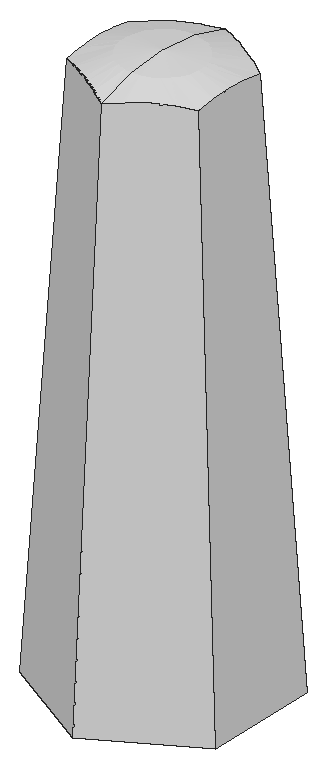
Revit family "stolbik_sochi", category Антураж, Revit 2017
Family settings
  На основе рабочей плоскости = Нет
  Всегда вертикально = Да
  При загрузке вырезать с полостями = Нет
  Источник визуального образа = Геометрия семейства
  Общий = Нет
  Точка расчета площади = Нет
Parameters (values of type ""Сочи" Морская соль")
  Ширина = 300 mm
  Производитель = "ГК Очаковский комбинат ЖБИ"  # constant formula
  Позиция = ""
  Поверхность = ""
  Площадь [instance] = 0.668 m²
  Описание изделия [instance] = "Благодаря своей форме он будет замечен как пешеходами, так и автомобилистами. К тому же, красота и экологичность природных наполнителей, используемых при производстве изделий из архитектурного бетона, в полной мере раскрываются на данном изделии, передавая настроение горных районов Сочи."
  Объем бетона = 0.028 m³
  Обозначение = ""
  Наименование = "Столбик \"Сочи\""
  Морозостойкость [instance] = "F150"
  Материал = Очаковский_Морская_соль
  Масса [instance] = 70.00 kg
  Класс бетона [instance] = "В30"
  Защитное покрытие [instance] = 0.597
  Длина = 300 mm
  Watermarked By = ""
  Высота = 750 mm
  Водонепроницаемость [instance] = "W8"
  URL = "http://file-system.ru/catalog/blagoustroystvo/blagoustroystvo_goroda/ograzhdeniya/klassika/_sochi_stolbik_/"
Types (8, lengths in mm): name | Материал | URL
  (no name) | Очаковский_Морская_соль | "http://file-system.ru/catalog/blagoustroystvo/blagoustroystvo_goroda/ograzhdeniya/klassika/_sochi_stolbik_/"
  "Сочи" Белый шелк | Очаковский_Белый_Шелк | 0
  "Сочи" Крымский берег | Очаковский_Крымский_берег | 0
  "Сочи" Морская соль | Очаковский_Морская_соль | "http://file-system.ru/catalog/blagoustroystvo/blagoustroystvo_goroda/ograzhdeniya/klassika/_sochi_stolbik_/"
  "Сочи" Московский гравий | Очаковский_Московский_гравий | 0
  "Сочи" Черный глянец | Очаковский_Черный_глянец | 0
  "Сочи" Черный шелк | Очаковский_Черный_шелк | 0
  "Сочи" Шахматка | Очаковский_Шахматка | 0
Reference planes
  plane 1 "По центру (Вперед/Назад)": y = 0
  plane 2: z = 0
  plane 3 "По центру (Влево/Вправо)": x = 0
  plane 4: z = 750
  plane 5: z = 100
  plane 6: z = 180
  plane 7: z = 730
  plane 8: z = 200
  plane 9: y = -150
  plane 10: y = 150
  plane 11: x = -150
  plane 12: x = 150
Forms (mm)
  Blend 1, solid, material "Очаковский_Морская_соль" <- "Материал", detail levels medium+fine
    base sketch origin (835.919, -1524, 200) x (0, -1, 0) y (1, 0, 0)
      loop
        line (-1674, -835.919) -> (-1599, -965.822) -> (-1449, -965.822) -> (-1374, -835.919) -> (-1449, -706.015) -> (-1599, -706.015) -> (-1674, -835.919)
    top sketch origin (835.919, -1524, 200) x (0, -1, 0) y (1, 0, 0)
      loop
        line (-1624, -835.919) -> (-1574, -922.521) -> (-1474, -922.521) -> (-1424, -835.919) -> (-1474, -749.316) -> (-1574, -749.316) -> (-1624, -835.919)
    from -200 to 550
  Revolve 2, void
    sketch origin (0, 0, 0) x (0, 1, 0) y (0, 0, 1)
      loop
        line (0, 750) -> (-100, 750) -> (-101.333, 730)
        arc (-101.333, 730) -> (-51.644, 744.952) -> (0, 750) r 266.711
      axis (0, 750) -> (0, 730)
    angle from 0 to 360
Cuts and joins
  Revolve 2 cuts Blend 1
Dimensions and locks
  "Высота": plane 4 to plane 2
  equal spacing: plane 10, plane 1 "По центру (Вперед/Назад)", plane 9
  "Ширина": plane 10 to plane 9
  "Длина": plane 11 to plane 12
  equal spacing: plane 11, plane 3 "По центру (Влево/Вправо)", plane 12
  aligned and locked: level to plane 2
  aligned and locked: Blend 1 to plane 4
  aligned and locked: Blend 1 to level
  aligned and locked: plane 1 "По центру (Вперед/Назад)" to Revolve 2 sketch curve
  aligned and locked: plane 3 "По центру (Влево/Вправо)" to nested 1
  aligned and locked: plane 1 "По центру (Вперед/Назад)" to nested 1
Automatic sketch dimensions
  plane 7 to Revolve 2 sketch curve = 0 mm
  plane 4 to Revolve 2 sketch curve = 0 mm
  Revolve 2 sketch curve to plane 1 "По центру (Вперед/Назад)" = 0 mm
  plane 1 "По центру (Вперед/Назад)" to Revolve 2 sketch curve = 100 mm
  Revolve 2 sketch curve to Revolve 2 sketch curve = 1.333 mm
  plane 7 to Revolve 2 sketch curve = 25 mm
  Revolve 2 sketch curve to Revolve 2 sketch curve = 25 mm
Nested families
  nested 1: "МАФ Прямоугольный низкая дет" at (0, 0, 0), Высота <- "Высота", Длина <- "Длина", Ширина <- "Ширина", type "МАФ Прямоугольный низкая дет"
    with Ширина 300 mm, Длина 300 mm, Высота 750 mm
Definition of nested family "МАФ Прямоугольный низкая дет"
  Parameters (values of type "МАФ Прямоугольный низкая дет")
    Ширина [instance] = 200 mm
    Длина [instance] = 400 mm
    Высота [instance] = 600 mm
    Watermarked By = ""
    Type Comments = "﻿﻿                            ​     ​     ​         ​   ​     ​           ​  ​ ​   ​ ​   ​﻿            ​ ​ ​         ​﻿   ​​            ﻿ ​           ​         ​     ﻿﻿"
    Keynote = "﻿﻿                            ​     ​     ​         ​   ​     ​           ​  ​ ​   ​ ​   ​﻿            ​ ​ ​         ​﻿   ​​            ﻿ ​           ​         ​     ﻿﻿"
    Description = "﻿﻿                            ​     ​     ​         ​   ​     ​           ​  ​ ​   ​ ​   ​﻿            ​ ​ ​         ​﻿   ​​            ﻿ ​           ​         ​     ﻿﻿"
    Assembly Code = "﻿﻿                            ​     ​     ​         ​   ​     ​           ​  ​ ​   ​ ​   ​﻿            ​ ​ ​         ​﻿   ​​            ﻿ ​           ​         ​     ﻿﻿"
  Reference planes
    plane 1 "По центру (Вперед/Назад)": y = 0
    plane 2: z = 0
    plane 3 "По центру (Влево/Вправо)": x = 0
    plane 4: x = -200
    plane 5: x = 200
    plane 6: y = -100
    plane 7: y = 100
    plane 8: z = 600
  Forms (mm)
    Extrusion 1, solid, detail levels coarse
      sketch origin (0, 0, 0) x (1, 0, 0) y (0, 1, 0)
        loop
          line (-200, 100) -> (-200, -100) -> (200, -100) -> (200, 100) -> (-200, 100)
      from 0 to 600
  Dimensions and locks
    equal spacing: plane 6, plane 1 "По центру (Вперед/Назад)", plane 7
    "Ширина": plane 6 to plane 7
    equal spacing: plane 4, plane 3 "По центру (Влево/Вправо)", plane 5
    "Длина": plane 4 to plane 5
    "Высота": plane 8 to level
    aligned and locked: level to plane 2
    aligned and locked: Extrusion 1 sketch curve to plane 5
    aligned and locked: Extrusion 1 sketch curve to plane 7
    aligned and locked: Extrusion 1 sketch curve to plane 6
    aligned and locked: Extrusion 1 sketch curve to plane 4
    aligned and locked: plane 8 to Extrusion 1
  Automatic sketch dimensions
    Extrusion 1 sketch curve to plane 5 = 0 mm
